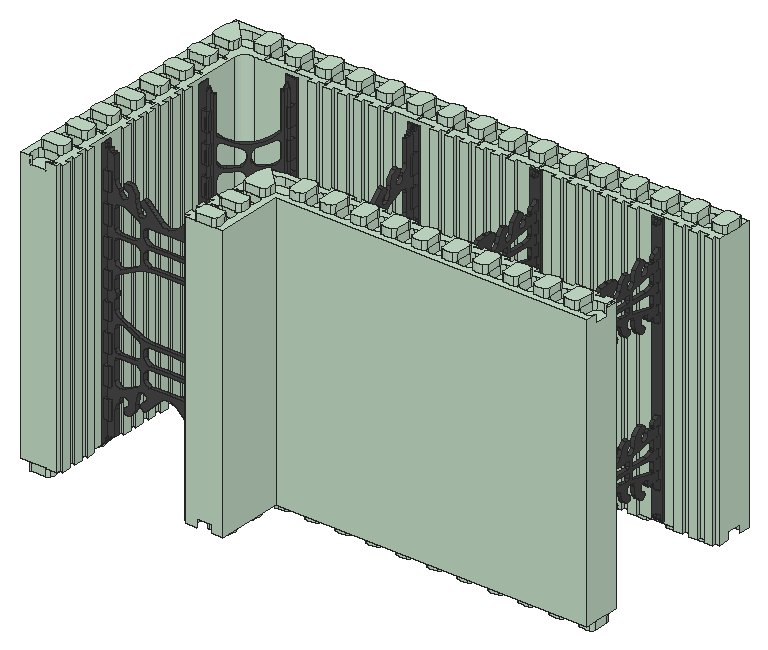
Revit family (continued)
Definition of nested family "NUDURA Diamond Pattern"
  Lines and regions (mm)
    model lines
      curve 189: arc (108.981, -142.875, 194.092) -> (107.493, -142.875, 190.5) -> (108.981, -142.875, 186.908) r 5.08
      curve 190: arc (108.981, -142.875, 232.192) -> (107.493, -142.875, 228.6) -> (108.981, -142.875, 225.008) r 5.08
      curve 191: arc (108.981, -142.875, 270.292) -> (107.493, -142.875, 266.7) -> (108.981, -142.875, 263.108) r 5.08
      curve 192: arc (108.981, -142.875, 308.392) -> (107.493, -142.875, 304.8) -> (108.981, -142.875, 301.208) r 5.08
      curve 193: arc (108.981, -142.875, 346.492) -> (107.493, -142.875, 342.9) -> (108.981, -142.875, 339.308) r 5.08
      curve 194: arc (108.981, -142.875, 384.592) -> (107.493, -142.875, 381) -> (108.981, -142.875, 377.408) r 5.08
      curve 195: arc (108.981, -142.875, 422.692) -> (107.493, -142.875, 419.1) -> (108.981, -142.875, 415.508) r 5.08
Definition of nested family "NUDURA Diamond Pattern Missing Two lines"
  Reference planes
    plane 1 "Center (Front/Back)": y = 0
    plane 2: z = 0
    plane 3 "Center (Left/Right)": x = 0
    plane 4: z = 457.2
  Lines and regions (mm)
    model lines
      curve 1: line (50.8, -142.875, 457.2) -> (50.8, -142.875, 0)
      curve 2: line (85.183, -142.875, 431.415) -> (93.906, -142.875, 422.692)
      curve 3: arc (85.183, -142.875, 444.885) -> (82.394, -142.875, 438.15) -> (85.183, -142.875, 431.415) r 9.525
      curve 4: line (94.708, -142.875, 454.41) -> (85.183, -142.875, 444.885)
      curve 5: arc (108.179, -142.875, 454.41) -> (101.444, -142.875, 457.2) -> (94.708, -142.875, 454.41) r 9.525
      curve 6: line (117.704, -142.875, 444.885) -> (108.179, -142.875, 454.41)
      curve 7: arc (117.704, -142.875, 431.415) -> (120.494, -142.875, 438.15) -> (117.704, -142.875, 444.885) r 9.525
      curve 8: line (108.981, -142.875, 422.692) -> (117.704, -142.875, 431.415)
      curve 9: arc (105.934, -142.875, 452.165) -> (101.444, -142.875, 454.025) -> (96.953, -142.875, 452.165) r 6.35
      curve 10: line (115.459, -142.875, 442.64) -> (105.934, -142.875, 452.165)
      curve 11: arc (115.459, -142.875, 433.66) -> (117.319, -142.875, 438.15) -> (115.459, -142.875, 442.64) r 6.35
      curve 12: line (105.934, -142.875, 424.135) -> (115.459, -142.875, 433.66)
      curve 13: arc (96.953, -142.875, 424.135) -> (101.444, -142.875, 422.275) -> (105.934, -142.875, 424.135) r 6.35
      curve 14: line (87.428, -142.875, 433.66) -> (96.953, -142.875, 424.135)
      curve 15: arc (87.428, -142.875, 442.64) -> (85.569, -142.875, 438.15) -> (87.428, -142.875, 433.66) r 6.35
      curve 16: line (96.953, -142.875, 452.165) -> (87.428, -142.875, 442.64)
      curve 17: arc (93.906, -142.875, 415.508) -> (95.394, -142.875, 419.1) -> (93.906, -142.875, 422.692) r 5.08
      curve 18: line (117.704, -142.875, 406.785) -> (108.981, -142.875, 415.508)
      curve 19: arc (117.704, -142.875, 393.315) -> (120.494, -142.875, 400.05) -> (117.704, -142.875, 406.785) r 9.525
      curve 20: line (108.981, -142.875, 384.592) -> (117.704, -142.875, 393.315)
      curve 21: line (85.183, -142.875, 393.315) -> (93.906, -142.875, 384.592)
      curve 22: arc (85.183, -142.875, 406.785) -> (82.394, -142.875, 400.05) -> (85.183, -142.875, 393.315) r 9.525
      curve 23: line (93.906, -142.875, 415.508) -> (85.183, -142.875, 406.785)
      curve 24: arc (105.934, -142.875, 414.065) -> (101.444, -142.875, 415.925) -> (96.953, -142.875, 414.065) r 6.35
      curve 25: line (96.953, -142.875, 414.065) -> (87.428, -142.875, 404.54)
      curve 26: arc (87.428, -142.875, 404.54) -> (85.569, -142.875, 400.05) -> (87.428, -142.875, 395.56) r 6.35
      curve 27: line (87.428, -142.875, 395.56) -> (96.953, -142.875, 386.035)
      curve 28: arc (96.953, -142.875, 386.035) -> (101.444, -142.875, 384.175) -> (105.934, -142.875, 386.035) r 6.35
      curve 29: line (105.934, -142.875, 386.035) -> (115.459, -142.875, 395.56)
      curve 30: arc (115.459, -142.875, 395.56) -> (117.319, -142.875, 400.05) -> (115.459, -142.875, 404.54) r 6.35
      curve 31: line (115.459, -142.875, 404.54) -> (105.934, -142.875, 414.065)
      curve 32: arc (93.906, -142.875, 377.408) -> (95.394, -142.875, 381) -> (93.906, -142.875, 384.592) r 5.08
      curve 33: line (117.704, -142.875, 368.685) -> (108.981, -142.875, 377.408)
      curve 34: arc (117.704, -142.875, 355.215) -> (120.494, -142.875, 361.95) -> (117.704, -142.875, 368.685) r 9.525
      curve 35: line (108.981, -142.875, 346.492) -> (117.704, -142.875, 355.215)
      curve 36: line (85.183, -142.875, 355.215) -> (93.906, -142.875, 346.492)
      curve 37: arc (85.183, -142.875, 368.685) -> (82.394, -142.875, 361.95) -> (85.183, -142.875, 355.215) r 9.525
      curve 38: line (93.906, -142.875, 377.408) -> (85.183, -142.875, 368.685)
      curve 39: arc (105.934, -142.875, 375.965) -> (101.444, -142.875, 377.825) -> (96.953, -142.875, 375.965) r 6.35
      curve 40: line (96.953, -142.875, 375.965) -> (87.428, -142.875, 366.44)
      curve 41: arc (87.428, -142.875, 366.44) -> (85.569, -142.875, 361.95) -> (87.428, -142.875, 357.46) r 6.35
      curve 42: line (87.428, -142.875, 357.46) -> (96.953, -142.875, 347.935)
      curve 43: arc (96.953, -142.875, 347.935) -> (101.444, -142.875, 346.075) -> (105.934, -142.875, 347.935) r 6.35
      curve 44: line (105.934, -142.875, 347.935) -> (115.459, -142.875, 357.46)
      curve 45: arc (115.459, -142.875, 357.46) -> (117.319, -142.875, 361.95) -> (115.459, -142.875, 366.44) r 6.35
      curve 46: line (115.459, -142.875, 366.44) -> (105.934, -142.875, 375.965)
      curve 47: arc (93.906, -142.875, 339.308) -> (95.394, -142.875, 342.9) -> (93.906, -142.875, 346.492) r 5.08
      curve 48: line (117.704, -142.875, 330.585) -> (108.981, -142.875, 339.308)
      curve 49: arc (117.704, -142.875, 317.115) -> (120.494, -142.875, 323.85) -> (117.704, -142.875, 330.585) r 9.525
      curve 50: line (108.981, -142.875, 308.392) -> (117.704, -142.875, 317.115)
      curve 51: line (85.183, -142.875, 317.115) -> (93.906, -142.875, 308.392)
      curve 52: arc (85.183, -142.875, 330.585) -> (82.394, -142.875, 323.85) -> (85.183, -142.875, 317.115) r 9.525
      curve 53: line (93.906, -142.875, 339.308) -> (85.183, -142.875, 330.585)
      curve 54: arc (105.934, -142.875, 337.865) -> (101.444, -142.875, 339.725) -> (96.953, -142.875, 337.865) r 6.35
      curve 55: line (96.953, -142.875, 337.865) -> (87.428, -142.875, 328.34)
      curve 56: arc (87.428, -142.875, 328.34) -> (85.569, -142.875, 323.85) -> (87.428, -142.875, 319.36) r 6.35
      curve 57: line (87.428, -142.875, 319.36) -> (96.953, -142.875, 309.835)
      curve 58: arc (96.953, -142.875, 309.835) -> (101.444, -142.875, 307.975) -> (105.934, -142.875, 309.835) r 6.35
      curve 59: line (105.934, -142.875, 309.835) -> (115.459, -142.875, 319.36)
      curve 60: arc (115.459, -142.875, 319.36) -> (117.319, -142.875, 323.85) -> (115.459, -142.875, 328.34) r 6.35
      curve 61: line (115.459, -142.875, 328.34) -> (105.934, -142.875, 337.865)
      curve 62: arc (93.906, -142.875, 301.208) -> (95.394, -142.875, 304.8) -> (93.906, -142.875, 308.392) r 5.08
      curve 63: line (117.704, -142.875, 292.485) -> (108.981, -142.875, 301.208)
      curve 64: arc (117.704, -142.875, 279.015) -> (120.494, -142.875, 285.75) -> (117.704, -142.875, 292.485) r 9.525
      curve 65: line (108.981, -142.875, 270.292) -> (117.704, -142.875, 279.015)
      curve 66: line (85.183, -142.875, 279.015) -> (93.906, -142.875, 270.292)
      curve 67: arc (85.183, -142.875, 292.485) -> (82.394, -142.875, 285.75) -> (85.183, -142.875, 279.015) r 9.525
      curve 68: line (93.906, -142.875, 301.208) -> (85.183, -142.875, 292.485)
      curve 69: arc (105.934, -142.875, 299.765) -> (101.444, -142.875, 301.625) -> (96.953, -142.875, 299.765) r 6.35
      curve 70: line (96.953, -142.875, 299.765) -> (87.428, -142.875, 290.24)
      curve 71: arc (87.428, -142.875, 290.24) -> (85.569, -142.875, 285.75) -> (87.428, -142.875, 281.26) r 6.35
      curve 72: line (87.428, -142.875, 281.26) -> (96.953, -142.875, 271.735)
      curve 73: arc (96.953, -142.875, 271.735) -> (101.444, -142.875, 269.875) -> (105.934, -142.875, 271.735) r 6.35
      curve 74: line (105.934, -142.875, 271.735) -> (115.459, -142.875, 281.26)
      curve 75: arc (115.459, -142.875, 281.26) -> (117.319, -142.875, 285.75) -> (115.459, -142.875, 290.24) r 6.35
      curve 76: line (115.459, -142.875, 290.24) -> (105.934, -142.875, 299.765)
      curve 77: arc (93.906, -142.875, 263.108) -> (95.394, -142.875, 266.7) -> (93.906, -142.875, 270.292) r 5.08
      curve 78: line (117.704, -142.875, 254.385) -> (108.981, -142.875, 263.108)
      curve 79: arc (117.704, -142.875, 240.915) -> (120.494, -142.875, 247.65) -> (117.704, -142.875, 254.385) r 9.525
      curve 80: line (108.981, -142.875, 232.192) -> (117.704, -142.875, 240.915)
      curve 81: line (85.183, -142.875, 240.915) -> (93.906, -142.875, 232.192)
      curve 82: arc (85.183, -142.875, 254.385) -> (82.394, -142.875, 247.65) -> (85.183, -142.875, 240.915) r 9.525
      curve 83: line (93.906, -142.875, 263.108) -> (85.183, -142.875, 254.385)
      curve 84: arc (105.934, -142.875, 261.665) -> (101.444, -142.875, 263.525) -> (96.953, -142.875, 261.665) r 6.35
      curve 85: line (96.953, -142.875, 261.665) -> (87.428, -142.875, 252.14)
      curve 86: arc (87.428, -142.875, 252.14) -> (85.569, -142.875, 247.65) -> (87.428, -142.875, 243.16) r 6.35
      curve 87: line (87.428, -142.875, 243.16) -> (96.953, -142.875, 233.635)
      curve 88: arc (96.953, -142.875, 233.635) -> (101.444, -142.875, 231.775) -> (105.934, -142.875, 233.635) r 6.35
      curve 89: line (105.934, -142.875, 233.635) -> (115.459, -142.875, 243.16)
      curve 90: arc (115.459, -142.875, 243.16) -> (117.319, -142.875, 247.65) -> (115.459, -142.875, 252.14) r 6.35
      curve 91: line (115.459, -142.875, 252.14) -> (105.934, -142.875, 261.665)
      curve 92: arc (93.906, -142.875, 225.008) -> (95.394, -142.875, 228.6) -> (93.906, -142.875, 232.192) r 5.08
      curve 93: line (117.704, -142.875, 216.285) -> (108.981, -142.875, 225.008)
      curve 94: arc (117.704, -142.875, 202.815) -> (120.494, -142.875, 209.55) -> (117.704, -142.875, 216.285) r 9.525
      curve 95: line (108.981, -142.875, 194.092) -> (117.704, -142.875, 202.815)
      curve 96: line (85.183, -142.875, 202.815) -> (93.906, -142.875, 194.092)
      curve 97: arc (85.183, -142.875, 216.285) -> (82.394, -142.875, 209.55) -> (85.183, -142.875, 202.815) r 9.525
      curve 98: line (93.906, -142.875, 225.008) -> (85.183, -142.875, 216.285)
      curve 99: arc (105.934, -142.875, 223.565) -> (101.444, -142.875, 225.425) -> (96.953, -142.875, 223.565) r 6.35
      curve 100: line (96.953, -142.875, 223.565) -> (87.428, -142.875, 214.04)
      curve 101: arc (87.428, -142.875, 214.04) -> (85.569, -142.875, 209.55) -> (87.428, -142.875, 205.06) r 6.35
      curve 102: line (87.428, -142.875, 205.06) -> (96.953, -142.875, 195.535)
      curve 103: arc (96.953, -142.875, 195.535) -> (101.444, -142.875, 193.675) -> (105.934, -142.875, 195.535) r 6.35
      curve 104: line (105.934, -142.875, 195.535) -> (115.459, -142.875, 205.06)
      curve 105: arc (115.459, -142.875, 205.06) -> (117.319, -142.875, 209.55) -> (115.459, -142.875, 214.04) r 6.35
      curve 106: line (115.459, -142.875, 214.04) -> (105.934, -142.875, 223.565)
      curve 107: arc (93.906, -142.875, 186.908) -> (95.394, -142.875, 190.5) -> (93.906, -142.875, 194.092) r 5.08
      curve 108: line (117.704, -142.875, 178.185) -> (108.981, -142.875, 186.908)
      curve 109: arc (117.704, -142.875, 164.715) -> (120.494, -142.875, 171.45) -> (117.704, -142.875, 178.185) r 9.525
      curve 110: line (108.981, -142.875, 155.992) -> (117.704, -142.875, 164.715)
      curve 111: line (85.183, -142.875, 164.715) -> (93.906, -142.875, 155.992)
      curve 112: arc (85.183, -142.875, 178.185) -> (82.394, -142.875, 171.45) -> (85.183, -142.875, 164.715) r 9.525
      curve 113: line (93.906, -142.875, 186.908) -> (85.183, -142.875, 178.185)
      curve 114: arc (105.934, -142.875, 185.465) -> (101.444, -142.875, 187.325) -> (96.953, -142.875, 185.465) r 6.35
      curve 115: line (96.953, -142.875, 185.465) -> (87.428, -142.875, 175.94)
      curve 116: arc (87.428, -142.875, 175.94) -> (85.569, -142.875, 171.45) -> (87.428, -142.875, 166.96) r 6.35
      curve 117: line (87.428, -142.875, 166.96) -> (96.953, -142.875, 157.435)
      curve 118: arc (96.953, -142.875, 157.435) -> (101.444, -142.875, 155.575) -> (105.934, -142.875, 157.435) r 6.35
      curve 119: line (105.934, -142.875, 157.435) -> (115.459, -142.875, 166.96)
      curve 120: arc (115.459, -142.875, 166.96) -> (117.319, -142.875, 171.45) -> (115.459, -142.875, 175.94) r 6.35
      curve 121: line (115.459, -142.875, 175.94) -> (105.934, -142.875, 185.465)
      curve 122: arc (93.906, -142.875, 148.808) -> (95.394, -142.875, 152.4) -> (93.906, -142.875, 155.992) r 5.08
      curve 123: line (117.704, -142.875, 140.085) -> (108.981, -142.875, 148.808)
      curve 124: arc (117.704, -142.875, 126.615) -> (120.494, -142.875, 133.35) -> (117.704, -142.875, 140.085) r 9.525
      curve 125: line (108.981, -142.875, 117.892) -> (117.704, -142.875, 126.615)
      curve 126: line (85.183, -142.875, 126.615) -> (93.906, -142.875, 117.892)
      curve 127: arc (85.183, -142.875, 140.085) -> (82.394, -142.875, 133.35) -> (85.183, -142.875, 126.615) r 9.525
      curve 128: line (93.906, -142.875, 148.808) -> (85.183, -142.875, 140.085)
      curve 129: arc (105.934, -142.875, 147.365) -> (101.444, -142.875, 149.225) -> (96.953, -142.875, 147.365) r 6.35
      curve 130: line (96.953, -142.875, 147.365) -> (87.428, -142.875, 137.84)
      curve 131: arc (87.428, -142.875, 137.84) -> (85.569, -142.875, 133.35) -> (87.428, -142.875, 128.86) r 6.35
      curve 132: line (87.428, -142.875, 128.86) -> (96.953, -142.875, 119.335)
      curve 133: arc (96.953, -142.875, 119.335) -> (101.444, -142.875, 117.475) -> (105.934, -142.875, 119.335) r 6.35
      curve 134: line (105.934, -142.875, 119.335) -> (115.459, -142.875, 128.86)
      curve 135: arc (115.459, -142.875, 128.86) -> (117.319, -142.875, 133.35) -> (115.459, -142.875, 137.84) r 6.35
      curve 136: line (115.459, -142.875, 137.84) -> (105.934, -142.875, 147.365)
      curve 137: arc (93.906, -142.875, 110.708) -> (95.394, -142.875, 114.3) -> (93.906, -142.875, 117.892) r 5.08
      curve 138: line (117.704, -142.875, 101.985) -> (108.981, -142.875, 110.708)
      curve 139: arc (117.704, -142.875, 88.515) -> (120.494, -142.875, 95.25) -> (117.704, -142.875, 101.985) r 9.525
      curve 140: line (108.981, -142.875, 79.792) -> (117.704, -142.875, 88.515)
      curve 141: line (85.183, -142.875, 88.515) -> (93.906, -142.875, 79.792)
      curve 142: arc (85.183, -142.875, 101.985) -> (82.394, -142.875, 95.25) -> (85.183, -142.875, 88.515) r 9.525
      curve 143: line (93.906, -142.875, 110.708) -> (85.183, -142.875, 101.985)
      curve 144: arc (105.934, -142.875, 109.265) -> (101.444, -142.875, 111.125) -> (96.953, -142.875, 109.265) r 6.35
      curve 145: line (96.953, -142.875, 109.265) -> (87.428, -142.875, 99.74)
      curve 146: arc (87.428, -142.875, 99.74) -> (85.569, -142.875, 95.25) -> (87.428, -142.875, 90.76) r 6.35
      curve 147: line (87.428, -142.875, 90.76) -> (96.953, -142.875, 81.235)
      curve 148: arc (96.953, -142.875, 81.235) -> (101.444, -142.875, 79.375) -> (105.934, -142.875, 81.235) r 6.35
      curve 149: line (105.934, -142.875, 81.235) -> (115.459, -142.875, 90.76)
      curve 150: arc (115.459, -142.875, 90.76) -> (117.319, -142.875, 95.25) -> (115.459, -142.875, 99.74) r 6.35
      curve 151: line (115.459, -142.875, 99.74) -> (105.934, -142.875, 109.265)
      curve 152: arc (93.906, -142.875, 72.608) -> (95.394, -142.875, 76.2) -> (93.906, -142.875, 79.792) r 5.08
      curve 153: line (117.704, -142.875, 63.885) -> (108.981, -142.875, 72.608)
      curve 154: arc (117.704, -142.875, 50.415) -> (120.494, -142.875, 57.15) -> (117.704, -142.875, 63.885) r 9.525
      curve 155: line (108.981, -142.875, 41.692) -> (117.704, -142.875, 50.415)
      curve 156: line (85.183, -142.875, 50.415) -> (93.906, -142.875, 41.692)
      curve 157: arc (85.183, -142.875, 63.885) -> (82.394, -142.875, 57.15) -> (85.183, -142.875, 50.415) r 9.525
      curve 158: line (93.906, -142.875, 72.608) -> (85.183, -142.875, 63.885)
      curve 159: arc (105.934, -142.875, 71.165) -> (101.444, -142.875, 73.025) -> (96.953, -142.875, 71.165) r 6.35
      curve 160: line (96.953, -142.875, 71.165) -> (87.428, -142.875, 61.64)
      curve 161: arc (87.428, -142.875, 61.64) -> (85.569, -142.875, 57.15) -> (87.428, -142.875, 52.66) r 6.35
      curve 162: line (87.428, -142.875, 52.66) -> (96.953, -142.875, 43.135)
      curve 163: arc (96.953, -142.875, 43.135) -> (101.444, -142.875, 41.275) -> (105.934, -142.875, 43.135) r 6.35
      curve 164: line (105.934, -142.875, 43.135) -> (115.459, -142.875, 52.66)
      curve 165: arc (115.459, -142.875, 52.66) -> (117.319, -142.875, 57.15) -> (115.459, -142.875, 61.64) r 6.35
      curve 166: line (115.459, -142.875, 61.64) -> (105.934, -142.875, 71.165)
      curve 167: arc (93.906, -142.875, 34.508) -> (95.394, -142.875, 38.1) -> (93.906, -142.875, 41.692) r 5.08
      curve 168: line (93.906, -142.875, 34.508) -> (85.183, -142.875, 25.785)
      curve 169: arc (85.183, -142.875, 25.785) -> (82.394, -142.875, 19.05) -> (85.183, -142.875, 12.315) r 9.525
      curve 170: line (85.183, -142.875, 12.315) -> (94.708, -142.875, 2.79)
      curve 171: arc (94.708, -142.875, 2.79) -> (101.444, -142.875, 0) -> (108.179, -142.875, 2.79) r 9.525
      curve 172: line (108.179, -142.875, 2.79) -> (117.704, -142.875, 12.315)
      curve 173: arc (117.704, -142.875, 12.315) -> (120.494, -142.875, 19.05) -> (117.704, -142.875, 25.785) r 9.525
      curve 174: line (117.704, -142.875, 25.785) -> (108.981, -142.875, 34.508)
      curve 175: arc (108.981, -142.875, 41.692) -> (107.493, -142.875, 38.1) -> (108.981, -142.875, 34.508) r 5.08
      curve 176: arc (105.934, -142.875, 33.065) -> (101.444, -142.875, 34.925) -> (96.953, -142.875, 33.065) r 6.35
      curve 177: line (115.459, -142.875, 23.54) -> (105.934, -142.875, 33.065)
      curve 178: arc (115.459, -142.875, 14.56) -> (117.319, -142.875, 19.05) -> (115.459, -142.875, 23.54) r 6.35
      curve 179: line (105.934, -142.875, 5.035) -> (115.459, -142.875, 14.56)
      curve 180: arc (96.953, -142.875, 5.035) -> (101.444, -142.875, 3.175) -> (105.934, -142.875, 5.035) r 6.35
      curve 181: line (87.428, -142.875, 14.56) -> (96.953, -142.875, 5.035)
      curve 182: arc (87.428, -142.875, 23.54) -> (85.569, -142.875, 19.05) -> (87.428, -142.875, 14.56) r 6.35
      curve 183: line (96.953, -142.875, 33.065) -> (87.428, -142.875, 23.54)
      curve 184: arc (108.981, -142.875, 79.792) -> (107.493, -142.875, 76.2) -> (108.981, -142.875, 72.608) r 5.08
      curve 185: arc (108.981, -142.875, 117.892) -> (107.493, -142.875, 114.3) -> (108.981, -142.875, 110.708) r 5.08
      curve 186: arc (108.981, -142.875, 155.992) -> (107.493, -142.875, 152.4) -> (108.981, -142.875, 148.808) r 5.08
      curve 187: arc (108.981, -142.875, 194.092) -> (107.493, -142.875, 190.5) -> (108.981, -142.875, 186.908) r 5.08
      curve 188: arc (108.981, -142.875, 232.192) -> (107.493, -142.875, 228.6) -> (108.981, -142.875, 225.008) r 5.08
      curve 189: arc (108.981, -142.875, 270.292) -> (107.493, -142.875, 266.7) -> (108.981, -142.875, 263.108) r 5.08
      curve 190: arc (108.981, -142.875, 308.392) -> (107.493, -142.875, 304.8) -> (108.981, -142.875, 301.208) r 5.08
      curve 191: arc (108.981, -142.875, 346.492) -> (107.493, -142.875, 342.9) -> (108.981, -142.875, 339.308) r 5.08
      curve 192: arc (108.981, -142.875, 384.592) -> (107.493, -142.875, 381) -> (108.981, -142.875, 377.408) r 5.08
      curve 193: arc (108.981, -142.875, 422.692) -> (107.493, -142.875, 419.1) -> (108.981, -142.875, 415.508) r 5.08
Definition of nested family "NUDURA Diamond Pattern Missing Left Line"
  Reference planes
    plane 1 "Center (Front/Back)": y = 0
    plane 2: z = 0
    plane 3 "Center (Left/Right)": x = 0
    plane 4: z = 457.2
  Lines and regions (mm)
    model lines
      curve 1: line (203.2, -142.875, 457.2) -> (203.2, -142.875, 0)
      curve 2: line (152.4, -142.875, 457.2) -> (152.4, -142.875, 0)
      curve 3: line (85.183, -142.875, 431.415) -> (93.906, -142.875, 422.692)
      curve 4: arc (85.183, -142.875, 444.885) -> (82.394, -142.875, 438.15) -> (85.183, -142.875, 431.415) r 9.525
      curve 5: line (94.708, -142.875, 454.41) -> (85.183, -142.875, 444.885)
      curve 6: arc (108.179, -142.875, 454.41) -> (101.444, -142.875, 457.2) -> (94.708, -142.875, 454.41) r 9.525
      curve 7: line (117.704, -142.875, 444.885) -> (108.179, -142.875, 454.41)
      curve 8: arc (117.704, -142.875, 431.415) -> (120.494, -142.875, 438.15) -> (117.704, -142.875, 444.885) r 9.525
      curve 9: line (108.981, -142.875, 422.692) -> (117.704, -142.875, 431.415)
      curve 10: arc (105.934, -142.875, 452.165) -> (101.444, -142.875, 454.025) -> (96.953, -142.875, 452.165) r 6.35
      curve 11: line (115.459, -142.875, 442.64) -> (105.934, -142.875, 452.165)
      curve 12: arc (115.459, -142.875, 433.66) -> (117.319, -142.875, 438.15) -> (115.459, -142.875, 442.64) r 6.35
      curve 13: line (105.934, -142.875, 424.135) -> (115.459, -142.875, 433.66)
      curve 14: arc (96.953, -142.875, 424.135) -> (101.444, -142.875, 422.275) -> (105.934, -142.875, 424.135) r 6.35
      curve 15: line (87.428, -142.875, 433.66) -> (96.953, -142.875, 424.135)
      curve 16: arc (87.428, -142.875, 442.64) -> (85.569, -142.875, 438.15) -> (87.428, -142.875, 433.66) r 6.35
      curve 17: line (96.953, -142.875, 452.165) -> (87.428, -142.875, 442.64)
      curve 18: arc (93.906, -142.875, 415.508) -> (95.394, -142.875, 419.1) -> (93.906, -142.875, 422.692) r 5.08
      curve 19: line (117.704, -142.875, 406.785) -> (108.981, -142.875, 415.508)
      curve 20: arc (117.704, -142.875, 393.315) -> (120.494, -142.875, 400.05) -> (117.704, -142.875, 406.785) r 9.525
      curve 21: line (108.981, -142.875, 384.592) -> (117.704, -142.875, 393.315)
      curve 22: line (85.183, -142.875, 393.315) -> (93.906, -142.875, 384.592)
      curve 23: arc (85.183, -142.875, 406.785) -> (82.394, -142.875, 400.05) -> (85.183, -142.875, 393.315) r 9.525
      curve 24: line (93.906, -142.875, 415.508) -> (85.183, -142.875, 406.785)
      curve 25: arc (105.934, -142.875, 414.065) -> (101.444, -142.875, 415.925) -> (96.953, -142.875, 414.065) r 6.35
      curve 26: line (96.953, -142.875, 414.065) -> (87.428, -142.875, 404.54)
      curve 27: arc (87.428, -142.875, 404.54) -> (85.569, -142.875, 400.05) -> (87.428, -142.875, 395.56) r 6.35
      curve 28: line (87.428, -142.875, 395.56) -> (96.953, -142.875, 386.035)
      curve 29: arc (96.953, -142.875, 386.035) -> (101.444, -142.875, 384.175) -> (105.934, -142.875, 386.035) r 6.35
      curve 30: line (105.934, -142.875, 386.035) -> (115.459, -142.875, 395.56)
      curve 31: arc (115.459, -142.875, 395.56) -> (117.319, -142.875, 400.05) -> (115.459, -142.875, 404.54) r 6.35
      curve 32: line (115.459, -142.875, 404.54) -> (105.934, -142.875, 414.065)
      curve 33: arc (93.906, -142.875, 377.408) -> (95.394, -142.875, 381) -> (93.906, -142.875, 384.592) r 5.08
      curve 34: line (117.704, -142.875, 368.685) -> (108.981, -142.875, 377.408)
      curve 35: arc (117.704, -142.875, 355.215) -> (120.494, -142.875, 361.95) -> (117.704, -142.875, 368.685) r 9.525
      curve 36: line (108.981, -142.875, 346.492) -> (117.704, -142.875, 355.215)
      curve 37: line (85.183, -142.875, 355.215) -> (93.906, -142.875, 346.492)
      curve 38: arc (85.183, -142.875, 368.685) -> (82.394, -142.875, 361.95) -> (85.183, -142.875, 355.215) r 9.525
      curve 39: line (93.906, -142.875, 377.408) -> (85.183, -142.875, 368.685)
      curve 40: arc (105.934, -142.875, 375.965) -> (101.444, -142.875, 377.825) -> (96.953, -142.875, 375.965) r 6.35
      curve 41: line (96.953, -142.875, 375.965) -> (87.428, -142.875, 366.44)
      curve 42: arc (87.428, -142.875, 366.44) -> (85.569, -142.875, 361.95) -> (87.428, -142.875, 357.46) r 6.35
      curve 43: line (87.428, -142.875, 357.46) -> (96.953, -142.875, 347.935)
      curve 44: arc (96.953, -142.875, 347.935) -> (101.444, -142.875, 346.075) -> (105.934, -142.875, 347.935) r 6.35
      curve 45: line (105.934, -142.875, 347.935) -> (115.459, -142.875, 357.46)
      curve 46: arc (115.459, -142.875, 357.46) -> (117.319, -142.875, 361.95) -> (115.459, -142.875, 366.44) r 6.35
      curve 47: line (115.459, -142.875, 366.44) -> (105.934, -142.875, 375.965)
      curve 48: arc (93.906, -142.875, 339.308) -> (95.394, -142.875, 342.9) -> (93.906, -142.875, 346.492) r 5.08
      curve 49: line (117.704, -142.875, 330.585) -> (108.981, -142.875, 339.308)
      curve 50: arc (117.704, -142.875, 317.115) -> (120.494, -142.875, 323.85) -> (117.704, -142.875, 330.585) r 9.525
      curve 51: line (108.981, -142.875, 308.392) -> (117.704, -142.875, 317.115)
      curve 52: line (85.183, -142.875, 317.115) -> (93.906, -142.875, 308.392)
      curve 53: arc (85.183, -142.875, 330.585) -> (82.394, -142.875, 323.85) -> (85.183, -142.875, 317.115) r 9.525
      curve 54: line (93.906, -142.875, 339.308) -> (85.183, -142.875, 330.585)
      curve 55: arc (105.934, -142.875, 337.865) -> (101.444, -142.875, 339.725) -> (96.953, -142.875, 337.865) r 6.35
      curve 56: line (96.953, -142.875, 337.865) -> (87.428, -142.875, 328.34)
      curve 57: arc (87.428, -142.875, 328.34) -> (85.569, -142.875, 323.85) -> (87.428, -142.875, 319.36) r 6.35
      curve 58: line (87.428, -142.875, 319.36) -> (96.953, -142.875, 309.835)
      curve 59: arc (96.953, -142.875, 309.835) -> (101.444, -142.875, 307.975) -> (105.934, -142.875, 309.835) r 6.35
      curve 60: line (105.934, -142.875, 309.835) -> (115.459, -142.875, 319.36)
      curve 61: arc (115.459, -142.875, 319.36) -> (117.319, -142.875, 323.85) -> (115.459, -142.875, 328.34) r 6.35
      curve 62: line (115.459, -142.875, 328.34) -> (105.934, -142.875, 337.865)
      curve 63: arc (93.906, -142.875, 301.208) -> (95.394, -142.875, 304.8) -> (93.906, -142.875, 308.392) r 5.08
      curve 64: line (117.704, -142.875, 292.485) -> (108.981, -142.875, 301.208)
      curve 65: arc (117.704, -142.875, 279.015) -> (120.494, -142.875, 285.75) -> (117.704, -142.875, 292.485) r 9.525
      curve 66: line (108.981, -142.875, 270.292) -> (117.704, -142.875, 279.015)
      curve 67: line (85.183, -142.875, 279.015) -> (93.906, -142.875, 270.292)
      curve 68: arc (85.183, -142.875, 292.485) -> (82.394, -142.875, 285.75) -> (85.183, -142.875, 279.015) r 9.525
      curve 69: line (93.906, -142.875, 301.208) -> (85.183, -142.875, 292.485)
      curve 70: arc (105.934, -142.875, 299.765) -> (101.444, -142.875, 301.625) -> (96.953, -142.875, 299.765) r 6.35
      curve 71: line (96.953, -142.875, 299.765) -> (87.428, -142.875, 290.24)
      curve 72: arc (87.428, -142.875, 290.24) -> (85.569, -142.875, 285.75) -> (87.428, -142.875, 281.26) r 6.35
      curve 73: line (87.428, -142.875, 281.26) -> (96.953, -142.875, 271.735)
      curve 74: arc (96.953, -142.875, 271.735) -> (101.444, -142.875, 269.875) -> (105.934, -142.875, 271.735) r 6.35
      curve 75: line (105.934, -142.875, 271.735) -> (115.459, -142.875, 281.26)
      curve 76: arc (115.459, -142.875, 281.26) -> (117.319, -142.875, 285.75) -> (115.459, -142.875, 290.24) r 6.35
      curve 77: line (115.459, -142.875, 290.24) -> (105.934, -142.875, 299.765)
      curve 78: arc (93.906, -142.875, 263.108) -> (95.394, -142.875, 266.7) -> (93.906, -142.875, 270.292) r 5.08
      curve 79: line (117.704, -142.875, 254.385) -> (108.981, -142.875, 263.108)
      curve 80: arc (117.704, -142.875, 240.915) -> (120.494, -142.875, 247.65) -> (117.704, -142.875, 254.385) r 9.525
      curve 81: line (108.981, -142.875, 232.192) -> (117.704, -142.875, 240.915)
      curve 82: line (85.183, -142.875, 240.915) -> (93.906, -142.875, 232.192)
      curve 83: arc (85.183, -142.875, 254.385) -> (82.394, -142.875, 247.65) -> (85.183, -142.875, 240.915) r 9.525
      curve 84: line (93.906, -142.875, 263.108) -> (85.183, -142.875, 254.385)
      curve 85: arc (105.934, -142.875, 261.665) -> (101.444, -142.875, 263.525) -> (96.953, -142.875, 261.665) r 6.35
      curve 86: line (96.953, -142.875, 261.665) -> (87.428, -142.875, 252.14)
      curve 87: arc (87.428, -142.875, 252.14) -> (85.569, -142.875, 247.65) -> (87.428, -142.875, 243.16) r 6.35
      curve 88: line (87.428, -142.875, 243.16) -> (96.953, -142.875, 233.635)
      curve 89: arc (96.953, -142.875, 233.635) -> (101.444, -142.875, 231.775) -> (105.934, -142.875, 233.635) r 6.35
      curve 90: line (105.934, -142.875, 233.635) -> (115.459, -142.875, 243.16)
      curve 91: arc (115.459, -142.875, 243.16) -> (117.319, -142.875, 247.65) -> (115.459, -142.875, 252.14) r 6.35
      curve 92: line (115.459, -142.875, 252.14) -> (105.934, -142.875, 261.665)
      curve 93: arc (93.906, -142.875, 225.008) -> (95.394, -142.875, 228.6) -> (93.906, -142.875, 232.192) r 5.08
      curve 94: line (117.704, -142.875, 216.285) -> (108.981, -142.875, 225.008)
      curve 95: arc (117.704, -142.875, 202.815) -> (120.494, -142.875, 209.55) -> (117.704, -142.875, 216.285) r 9.525
      curve 96: line (108.981, -142.875, 194.092) -> (117.704, -142.875, 202.815)
      curve 97: line (85.183, -142.875, 202.815) -> (93.906, -142.875, 194.092)
      curve 98: arc (85.183, -142.875, 216.285) -> (82.394, -142.875, 209.55) -> (85.183, -142.875, 202.815) r 9.525
      curve 99: line (93.906, -142.875, 225.008) -> (85.183, -142.875, 216.285)
      curve 100: arc (105.934, -142.875, 223.565) -> (101.444, -142.875, 225.425) -> (96.953, -142.875, 223.565) r 6.35
      curve 101: line (96.953, -142.875, 223.565) -> (87.428, -142.875, 214.04)
      curve 102: arc (87.428, -142.875, 214.04) -> (85.569, -142.875, 209.55) -> (87.428, -142.875, 205.06) r 6.35
      curve 103: line (87.428, -142.875, 205.06) -> (96.953, -142.875, 195.535)
      curve 104: arc (96.953, -142.875, 195.535) -> (101.444, -142.875, 193.675) -> (105.934, -142.875, 195.535) r 6.35
      curve 105: line (105.934, -142.875, 195.535) -> (115.459, -142.875, 205.06)
      curve 106: arc (115.459, -142.875, 205.06) -> (117.319, -142.875, 209.55) -> (115.459, -142.875, 214.04) r 6.35
      curve 107: line (115.459, -142.875, 214.04) -> (105.934, -142.875, 223.565)
      curve 108: arc (93.906, -142.875, 186.908) -> (95.394, -142.875, 190.5) -> (93.906, -142.875, 194.092) r 5.08
      curve 109: line (117.704, -142.875, 178.185) -> (108.981, -142.875, 186.908)
      curve 110: arc (117.704, -142.875, 164.715) -> (120.494, -142.875, 171.45) -> (117.704, -142.875, 178.185) r 9.525
      curve 111: line (108.981, -142.875, 155.992) -> (117.704, -142.875, 164.715)
      curve 112: line (85.183, -142.875, 164.715) -> (93.906, -142.875, 155.992)
      curve 113: arc (85.183, -142.875, 178.185) -> (82.394, -142.875, 171.45) -> (85.183, -142.875, 164.715) r 9.525
      curve 114: line (93.906, -142.875, 186.908) -> (85.183, -142.875, 178.185)
      curve 115: arc (105.934, -142.875, 185.465) -> (101.444, -142.875, 187.325) -> (96.953, -142.875, 185.465) r 6.35
      curve 116: line (96.953, -142.875, 185.465) -> (87.428, -142.875, 175.94)
      curve 117: arc (87.428, -142.875, 175.94) -> (85.569, -142.875, 171.45) -> (87.428, -142.875, 166.96) r 6.35
      curve 118: line (87.428, -142.875, 166.96) -> (96.953, -142.875, 157.435)
      curve 119: arc (96.953, -142.875, 157.435) -> (101.444, -142.875, 155.575) -> (105.934, -142.875, 157.435) r 6.35
      curve 120: line (105.934, -142.875, 157.435) -> (115.459, -142.875, 166.96)
      curve 121: arc (115.459, -142.875, 166.96) -> (117.319, -142.875, 171.45) -> (115.459, -142.875, 175.94) r 6.35
      curve 122: line (115.459, -142.875, 175.94) -> (105.934, -142.875, 185.465)
      curve 123: arc (93.906, -142.875, 148.808) -> (95.394, -142.875, 152.4) -> (93.906, -142.875, 155.992) r 5.08
      curve 124: line (117.704, -142.875, 140.085) -> (108.981, -142.875, 148.808)
      curve 125: arc (117.704, -142.875, 126.615) -> (120.494, -142.875, 133.35) -> (117.704, -142.875, 140.085) r 9.525
      curve 126: line (108.981, -142.875, 117.892) -> (117.704, -142.875, 126.615)
      curve 127: line (85.183, -142.875, 126.615) -> (93.906, -142.875, 117.892)
      curve 128: arc (85.183, -142.875, 140.085) -> (82.394, -142.875, 133.35) -> (85.183, -142.875, 126.615) r 9.525
      curve 129: line (93.906, -142.875, 148.808) -> (85.183, -142.875, 140.085)
      curve 130: arc (105.934, -142.875, 147.365) -> (101.444, -142.875, 149.225) -> (96.953, -142.875, 147.365) r 6.35
      curve 131: line (96.953, -142.875, 147.365) -> (87.428, -142.875, 137.84)
      curve 132: arc (87.428, -142.875, 137.84) -> (85.569, -142.875, 133.35) -> (87.428, -142.875, 128.86) r 6.35
      curve 133: line (87.428, -142.875, 128.86) -> (96.953, -142.875, 119.335)
      curve 134: arc (96.953, -142.875, 119.335) -> (101.444, -142.875, 117.475) -> (105.934, -142.875, 119.335) r 6.35
      curve 135: line (105.934, -142.875, 119.335) -> (115.459, -142.875, 128.86)
      curve 136: arc (115.459, -142.875, 128.86) -> (117.319, -142.875, 133.35) -> (115.459, -142.875, 137.84) r 6.35
      curve 137: line (115.459, -142.875, 137.84) -> (105.934, -142.875, 147.365)
      curve 138: arc (93.906, -142.875, 110.708) -> (95.394, -142.875, 114.3) -> (93.906, -142.875, 117.892) r 5.08
      curve 139: line (117.704, -142.875, 101.985) -> (108.981, -142.875, 110.708)
      curve 140: arc (117.704, -142.875, 88.515) -> (120.494, -142.875, 95.25) -> (117.704, -142.875, 101.985) r 9.525
      curve 141: line (108.981, -142.875, 79.792) -> (117.704, -142.875, 88.515)
      curve 142: line (85.183, -142.875, 88.515) -> (93.906, -142.875, 79.792)
      curve 143: arc (85.183, -142.875, 101.985) -> (82.394, -142.875, 95.25) -> (85.183, -142.875, 88.515) r 9.525
      curve 144: line (93.906, -142.875, 110.708) -> (85.183, -142.875, 101.985)
      curve 145: arc (105.934, -142.875, 109.265) -> (101.444, -142.875, 111.125) -> (96.953, -142.875, 109.265) r 6.35
      curve 146: line (96.953, -142.875, 109.265) -> (87.428, -142.875, 99.74)
      curve 147: arc (87.428, -142.875, 99.74) -> (85.569, -142.875, 95.25) -> (87.428, -142.875, 90.76) r 6.35
      curve 148: line (87.428, -142.875, 90.76) -> (96.953, -142.875, 81.235)
      curve 149: arc (96.953, -142.875, 81.235) -> (101.444, -142.875, 79.375) -> (105.934, -142.875, 81.235) r 6.35
      curve 150: line (105.934, -142.875, 81.235) -> (115.459, -142.875, 90.76)
      curve 151: arc (115.459, -142.875, 90.76) -> (117.319, -142.875, 95.25) -> (115.459, -142.875, 99.74) r 6.35
      curve 152: line (115.459, -142.875, 99.74) -> (105.934, -142.875, 109.265)
      curve 153: arc (93.906, -142.875, 72.608) -> (95.394, -142.875, 76.2) -> (93.906, -142.875, 79.792) r 5.08
      curve 154: line (117.704, -142.875, 63.885) -> (108.981, -142.875, 72.608)
      curve 155: arc (117.704, -142.875, 50.415) -> (120.494, -142.875, 57.15) -> (117.704, -142.875, 63.885) r 9.525
      curve 156: line (108.981, -142.875, 41.692) -> (117.704, -142.875, 50.415)
      curve 157: line (85.183, -142.875, 50.415) -> (93.906, -142.875, 41.692)
      curve 158: arc (85.183, -142.875, 63.885) -> (82.394, -142.875, 57.15) -> (85.183, -142.875, 50.415) r 9.525
      curve 159: line (93.906, -142.875, 72.608) -> (85.183, -142.875, 63.885)
      curve 160: arc (105.934, -142.875, 71.165) -> (101.444, -142.875, 73.025) -> (96.953, -142.875, 71.165) r 6.35
      curve 161: line (96.953, -142.875, 71.165) -> (87.428, -142.875, 61.64)
      curve 162: arc (87.428, -142.875, 61.64) -> (85.569, -142.875, 57.15) -> (87.428, -142.875, 52.66) r 6.35
      curve 163: line (87.428, -142.875, 52.66) -> (96.953, -142.875, 43.135)
      curve 164: arc (96.953, -142.875, 43.135) -> (101.444, -142.875, 41.275) -> (105.934, -142.875, 43.135) r 6.35
      curve 165: line (105.934, -142.875, 43.135) -> (115.459, -142.875, 52.66)
      curve 166: arc (115.459, -142.875, 52.66) -> (117.319, -142.875, 57.15) -> (115.459, -142.875, 61.64) r 6.35
      curve 167: line (115.459, -142.875, 61.64) -> (105.934, -142.875, 71.165)
      curve 168: arc (93.906, -142.875, 34.508) -> (95.394, -142.875, 38.1) -> (93.906, -142.875, 41.692) r 5.08
      curve 169: line (93.906, -142.875, 34.508) -> (85.183, -142.875, 25.785)
      curve 170: arc (85.183, -142.875, 25.785) -> (82.394, -142.875, 19.05) -> (85.183, -142.875, 12.315) r 9.525
      curve 171: line (85.183, -142.875, 12.315) -> (94.708, -142.875, 2.79)
      curve 172: arc (94.708, -142.875, 2.79) -> (101.444, -142.875, 0) -> (108.179, -142.875, 2.79) r 9.525
      curve 173: line (108.179, -142.875, 2.79) -> (117.704, -142.875, 12.315)
      curve 174: arc (117.704, -142.875, 12.315) -> (120.494, -142.875, 19.05) -> (117.704, -142.875, 25.785) r 9.525
      curve 175: line (117.704, -142.875, 25.785) -> (108.981, -142.875, 34.508)
      curve 176: arc (108.981, -142.875, 41.692) -> (107.493, -142.875, 38.1) -> (108.981, -142.875, 34.508) r 5.08
      curve 177: arc (105.934, -142.875, 33.065) -> (101.444, -142.875, 34.925) -> (96.953, -142.875, 33.065) r 6.35
      curve 178: line (115.459, -142.875, 23.54) -> (105.934, -142.875, 33.065)
      curve 179: arc (115.459, -142.875, 14.56) -> (117.319, -142.875, 19.05) -> (115.459, -142.875, 23.54) r 6.35
      curve 180: line (105.934, -142.875, 5.035) -> (115.459, -142.875, 14.56)
      curve 181: arc (96.953, -142.875, 5.035) -> (101.444, -142.875, 3.175) -> (105.934, -142.875, 5.035) r 6.35
      curve 182: line (87.428, -142.875, 14.56) -> (96.953, -142.875, 5.035)
      curve 183: arc (87.428, -142.875, 23.54) -> (85.569, -142.875, 19.05) -> (87.428, -142.875, 14.56) r 6.35
      curve 184: line (96.953, -142.875, 33.065) -> (87.428, -142.875, 23.54)
      curve 185: arc (108.981, -142.875, 79.792) -> (107.493, -142.875, 76.2) -> (108.981, -142.875, 72.608) r 5.08
      curve 186: arc (108.981, -142.875, 117.892) -> (107.493, -142.875, 114.3) -> (108.981, -142.875, 110.708) r 5.08
      curve 187: arc (108.981, -142.875, 155.992) -> (107.493, -142.875, 152.4) -> (108.981, -142.875, 148.808) r 5.08
      curve 188: arc (108.981, -142.875, 194.092) -> (107.493, -142.875, 190.5) -> (108.981, -142.875, 186.908) r 5.08
      curve 189: arc (108.981, -142.875, 232.192) -> (107.493, -142.875, 228.6) -> (108.981, -142.875, 225.008) r 5.08
      curve 190: arc (108.981, -142.875, 270.292) -> (107.493, -142.875, 266.7) -> (108.981, -142.875, 263.108) r 5.08
      curve 191: arc (108.981, -142.875, 308.392) -> (107.493, -142.875, 304.8) -> (108.981, -142.875, 301.208) r 5.08
      curve 192: arc (108.981, -142.875, 346.492) -> (107.493, -142.875, 342.9) -> (108.981, -142.875, 339.308) r 5.08
      curve 193: arc (108.981, -142.875, 384.592) -> (107.493, -142.875, 381) -> (108.981, -142.875, 377.408) r 5.08
      curve 194: arc (108.981, -142.875, 422.692) -> (107.493, -142.875, 419.1) -> (108.981, -142.875, 415.508) r 5.08
Definition of nested family "NUDURA Logo Diamond"
  Reference planes
    plane 1 "Center (Front/Back)": y = 0
    plane 2: z = 0
    plane 3 "Center (Left/Right)": x = 0
  Lines and regions (mm)
    model lines
      curve 1: line (320.001, 0, 444.526) -> (311.021, 0, 453.507)
      curve 2: line (313.973, 0, 425.925) -> (320.001, 0, 431.954)
      curve 3: line (320.001, 0, 406.426) -> (313.973, 0, 412.455)
      curve 4: line (313.973, 0, 387.825) -> (320.001, 0, 393.854)
      curve 5: line (320.001, 0, 368.326) -> (313.973, 0, 374.355)
      curve 6: line (313.973, 0, 349.725) -> (320.001, 0, 355.754)
      curve 7: line (309.225, 0, 337.411) -> (322.887, 0, 323.749)
      curve 8: line (322.887, 0, 323.749) -> (324.683, 0, 325.545)
      curve 9: line (286.583, 0, 323.749) -> (300.245, 0, 337.411)
      curve 10: line (295.497, 0, 336.255) -> (284.787, 0, 325.545)
      curve 11: line (289.468, 0, 355.754) -> (295.497, 0, 349.725)
      curve 12: line (295.497, 0, 374.355) -> (289.468, 0, 368.326)
      curve 13: line (289.468, 0, 393.854) -> (295.497, 0, 387.825)
      curve 14: line (295.497, 0, 412.455) -> (289.468, 0, 406.426)
      curve 15: line (289.468, 0, 431.954) -> (295.497, 0, 425.925)
      curve 16: line (298.449, 0, 453.507) -> (289.468, 0, 444.526)
      curve 17: line (300.245, 0, 451.711) -> (291.265, 0, 442.73)
      curve 18: line (318.205, 0, 442.73) -> (309.225, 0, 451.711)
      curve 19: line (309.225, 0, 424.77) -> (318.205, 0, 433.75)
      curve 20: line (291.265, 0, 433.75) -> (300.245, 0, 424.77)
      curve 21: arc (289.468, 0, 444.526) -> (286.865, 0, 438.24) -> (289.468, 0, 431.954) r 8.89
      curve 22: arc (298.449, 0, 453.507) -> (304.735, 0, 456.111) -> (311.021, 0, 453.507) r 8.89
      curve 23: arc (291.265, 0, 442.73) -> (289.405, 0, 438.24) -> (291.265, 0, 433.75) r 6.35
      curve 24: arc (318.205, 0, 442.73) -> (320.065, 0, 438.24) -> (318.205, 0, 433.75) r 6.35
      curve 25: arc (309.225, 0, 424.77) -> (304.735, 0, 422.91) -> (300.245, 0, 424.77) r 6.35
      curve 26: arc (300.245, 0, 451.711) -> (304.735, 0, 453.571) -> (309.225, 0, 451.711) r 6.35
      curve 27: arc (320.001, 0, 444.526) -> (322.605, 0, 438.24) -> (320.001, 0, 431.954) r 8.89
      curve 28: arc (295.497, 0, 425.925) -> (298.287, 0, 419.19) -> (295.497, 0, 412.455) r 9.525
      curve 29: arc (313.973, 0, 425.925) -> (311.183, 0, 419.19) -> (313.973, 0, 412.455) r 9.525
      curve 30: line (313.973, 0, 387.825) -> (320.001, 0, 393.854)
      curve 31: line (289.468, 0, 393.854) -> (295.497, 0, 387.825)
      curve 32: line (300.245, 0, 413.611) -> (291.265, 0, 404.63)
      curve 33: line (318.205, 0, 404.63) -> (309.225, 0, 413.611)
      curve 34: line (309.225, 0, 386.67) -> (318.205, 0, 395.65)
      curve 35: line (291.265, 0, 395.65) -> (300.245, 0, 386.67)
      curve 36: arc (289.468, 0, 406.426) -> (286.865, 0, 400.14) -> (289.468, 0, 393.854) r 8.89
      curve 37: arc (291.265, 0, 404.63) -> (289.405, 0, 400.14) -> (291.265, 0, 395.65) r 6.35
      curve 38: arc (318.205, 0, 404.63) -> (320.065, 0, 400.14) -> (318.205, 0, 395.65) r 6.35
      curve 39: arc (309.225, 0, 386.67) -> (304.735, 0, 384.81) -> (300.245, 0, 386.67) r 6.35
      curve 40: arc (300.245, 0, 413.611) -> (304.735, 0, 415.471) -> (309.225, 0, 413.611) r 6.35
      curve 41: arc (320.001, 0, 406.426) -> (322.605, 0, 400.14) -> (320.001, 0, 393.854) r 8.89
      curve 42: line (295.497, 0, 412.455) -> (289.468, 0, 406.426)
      curve 43: line (320.001, 0, 406.426) -> (313.973, 0, 412.455)
      curve 44: arc (295.497, 0, 387.825) -> (298.287, 0, 381.09) -> (295.497, 0, 374.355) r 9.525
      curve 45: arc (313.973, 0, 387.825) -> (311.183, 0, 381.09) -> (313.973, 0, 374.355) r 9.525
      curve 46: line (313.973, 0, 349.725) -> (320.001, 0, 355.754)
      curve 47: line (289.468, 0, 355.754) -> (295.497, 0, 349.725)
      curve 48: line (300.245, 0, 375.511) -> (291.265, 0, 366.53)
      curve 49: line (318.205, 0, 366.53) -> (309.225, 0, 375.511)
      curve 50: line (309.225, 0, 348.57) -> (318.205, 0, 357.55)
      curve 51: line (291.265, 0, 357.55) -> (300.245, 0, 348.57)
      curve 52: arc (289.468, 0, 368.326) -> (286.865, 0, 362.04) -> (289.468, 0, 355.754) r 8.89
      curve 53: arc (291.265, 0, 366.53) -> (289.405, 0, 362.04) -> (291.265, 0, 357.55) r 6.35
      curve 54: arc (318.205, 0, 366.53) -> (320.065, 0, 362.04) -> (318.205, 0, 357.55) r 6.35
      curve 55: arc (309.225, 0, 348.57) -> (304.735, 0, 346.71) -> (300.245, 0, 348.57) r 6.35
      curve 56: arc (300.245, 0, 375.511) -> (304.735, 0, 377.371) -> (309.225, 0, 375.511) r 6.35
      curve 57: arc (320.001, 0, 368.326) -> (322.605, 0, 362.04) -> (320.001, 0, 355.754) r 8.89
      curve 58: line (295.497, 0, 374.355) -> (289.468, 0, 368.326)
      curve 59: arc (295.497, 0, 349.725) -> (298.287, 0, 342.99) -> (295.497, 0, 336.255) r 9.525
      curve 60: arc (313.973, 0, 349.725) -> (311.183, 0, 342.99) -> (313.973, 0, 336.255) r 9.525
      curve 61: line (324.683, 0, 325.545) -> (313.973, 0, 336.255)
      curve 62: line (284.787, 0, 325.545) -> (286.583, 0, 323.749)
      curve 63: arc (300.245, 0, 337.411) -> (304.735, 0, 339.271) -> (309.225, 0, 337.411) r 6.35
      curve 64: line (320.001, 0, 12.854) -> (311.021, 0, 3.874)
      curve 65: line (313.973, 0, 31.455) -> (320.001, 0, 25.426)
      curve 66: line (320.001, 0, 50.954) -> (313.973, 0, 44.925)
      curve 67: line (313.973, 0, 69.555) -> (320.001, 0, 63.526)
      curve 68: line (320.001, 0, 89.054) -> (313.973, 0, 83.025)
      curve 69: line (313.973, 0, 107.655) -> (320.001, 0, 101.626)
      curve 70: line (309.225, 0, 119.97) -> (322.887, 0, 133.632)
      curve 71: line (322.887, 0, 133.632) -> (324.683, 0, 131.836)
      curve 72: line (286.583, 0, 133.632) -> (300.245, 0, 119.97)
      curve 73: line (295.497, 0, 121.125) -> (284.787, 0, 131.836)
      curve 74: line (289.468, 0, 101.626) -> (295.497, 0, 107.655)
      curve 75: line (295.497, 0, 83.025) -> (289.468, 0, 89.054)
      curve 76: line (289.468, 0, 63.526) -> (295.497, 0, 69.555)
      curve 77: line (295.497, 0, 44.925) -> (289.468, 0, 50.954)
      curve 78: line (289.468, 0, 25.426) -> (295.497, 0, 31.455)
      curve 79: line (298.449, 0, 3.874) -> (289.468, 0, 12.854)
      curve 80: line (300.245, 0, 5.67) -> (291.265, 0, 14.65)
      curve 81: line (318.205, 0, 14.65) -> (309.225, 0, 5.67)
      curve 82: line (309.225, 0, 32.611) -> (318.205, 0, 23.63)
      curve 83: line (291.265, 0, 23.63) -> (300.245, 0, 32.611)
      curve 84: arc (289.468, 0, 12.854) -> (286.865, 0, 19.14) -> (289.468, 0, 25.426) r 8.89
      curve 85: arc (298.449, 0, 3.874) -> (304.735, 0, 1.27) -> (311.021, 0, 3.874) r 8.89
      curve 86: arc (291.265, 0, 14.65) -> (289.405, 0, 19.14) -> (291.265, 0, 23.63) r 6.35
      curve 87: arc (318.205, 0, 14.65) -> (320.065, 0, 19.14) -> (318.205, 0, 23.63) r 6.35
      curve 88: arc (309.225, 0, 32.611) -> (304.735, 0, 34.471) -> (300.245, 0, 32.611) r 6.35
      curve 89: arc (300.245, 0, 5.67) -> (304.735, 0, 3.81) -> (309.225, 0, 5.67) r 6.35
      curve 90: arc (320.001, 0, 12.854) -> (322.605, 0, 19.14) -> (320.001, 0, 25.426) r 8.89
      curve 91: arc (295.497, 0, 31.455) -> (298.287, 0, 38.19) -> (295.497, 0, 44.925) r 9.525
      curve 92: arc (313.973, 0, 31.455) -> (311.183, 0, 38.19) -> (313.973, 0, 44.925) r 9.525
      curve 93: line (313.973, 0, 69.555) -> (320.001, 0, 63.526)
      curve 94: line (289.468, 0, 63.526) -> (295.497, 0, 69.555)
      curve 95: line (300.245, 0, 43.77) -> (291.265, 0, 52.75)
      curve 96: line (318.205, 0, 52.75) -> (309.225, 0, 43.77)
      curve 97: line (309.225, 0, 70.711) -> (318.205, 0, 61.73)
      curve 98: line (291.265, 0, 61.73) -> (300.245, 0, 70.711)
      curve 99: arc (289.468, 0, 50.954) -> (286.865, 0, 57.24) -> (289.468, 0, 63.526) r 8.89
      curve 100: arc (291.265, 0, 52.75) -> (289.405, 0, 57.24) -> (291.265, 0, 61.73) r 6.35
      curve 101: arc (318.205, 0, 52.75) -> (320.065, 0, 57.24) -> (318.205, 0, 61.73) r 6.35
      curve 102: arc (309.225, 0, 70.711) -> (304.735, 0, 72.571) -> (300.245, 0, 70.711) r 6.35
      curve 103: arc (300.245, 0, 43.77) -> (304.735, 0, 41.91) -> (309.225, 0, 43.77) r 6.35
      curve 104: arc (320.001, 0, 50.954) -> (322.605, 0, 57.24) -> (320.001, 0, 63.526) r 8.89
      curve 105: line (295.497, 0, 44.925) -> (289.468, 0, 50.954)
      curve 106: line (320.001, 0, 50.954) -> (313.973, 0, 44.925)
      curve 107: arc (295.497, 0, 69.555) -> (298.287, 0, 76.29) -> (295.497, 0, 83.025) r 9.525
      curve 108: arc (313.973, 0, 69.555) -> (311.183, 0, 76.29) -> (313.973, 0, 83.025) r 9.525
      curve 109: line (313.973, 0, 107.655) -> (320.001, 0, 101.626)
      curve 110: line (289.468, 0, 101.626) -> (295.497, 0, 107.655)
      curve 111: line (300.245, 0, 81.87) -> (291.265, 0, 90.85)
      curve 112: line (318.205, 0, 90.85) -> (309.225, 0, 81.87)
      curve 113: line (309.225, 0, 108.811) -> (318.205, 0, 99.83)
      curve 114: line (291.265, 0, 99.83) -> (300.245, 0, 108.811)
      curve 115: arc (289.468, 0, 89.054) -> (286.865, 0, 95.34) -> (289.468, 0, 101.626) r 8.89
      curve 116: arc (291.265, 0, 90.85) -> (289.405, 0, 95.34) -> (291.265, 0, 99.83) r 6.35
      curve 117: arc (318.205, 0, 90.85) -> (320.065, 0, 95.34) -> (318.205, 0, 99.83) r 6.35
      curve 118: arc (309.225, 0, 108.811) -> (304.735, 0, 110.671) -> (300.245, 0, 108.811) r 6.35
      curve 119: arc (300.245, 0, 81.87) -> (304.735, 0, 80.01) -> (309.225, 0, 81.87) r 6.35
      curve 120: arc (320.001, 0, 89.054) -> (322.605, 0, 95.34) -> (320.001, 0, 101.626) r 8.89
      curve 121: line (295.497, 0, 83.025) -> (289.468, 0, 89.054)
      curve 122: arc (295.497, 0, 107.655) -> (298.287, 0, 114.39) -> (295.497, 0, 121.125) r 9.525
      curve 123: arc (313.973, 0, 107.655) -> (311.183, 0, 114.39) -> (313.973, 0, 121.125) r 9.525
      curve 124: line (324.683, 0, 131.836) -> (313.973, 0, 121.125)
      curve 125: line (284.787, 0, 131.836) -> (286.583, 0, 133.632)
      curve 126: arc (300.245, 0, 119.97) -> (304.735, 0, 118.11) -> (309.225, 0, 119.97) r 6.35
      curve 127: line (314.26, 0, 317.59) -> (295.21, 0, 317.59)
      curve 128: line (323.785, 0, 149.315) -> (323.785, 0, 308.065)
      curve 129: line (285.685, 0, 308.065) -> (285.685, 0, 149.315)
      curve 130: line (295.21, 0, 139.79) -> (314.26, 0, 139.79)
      curve 131: line (316.797, 0, 304.89) -> (305.798, 0, 311.24)
      curve 132: line (316.797, 0, 292.19) -> (316.797, 0, 304.89)
      curve 133: line (311.298, 0, 289.015) -> (316.797, 0, 292.19)
      curve 134: line (305.373, 0, 292.436) -> (311.298, 0, 289.015)
      curve 135: line (310.447, 0, 295.365) -> (305.373, 0, 292.436)
      curve 136: line (299.874, 0, 307.82) -> (310.447, 0, 301.715)
      curve 137: line (310.447, 0, 301.715) -> (310.447, 0, 295.365)
      curve 138: line (305.798, 0, 311.24) -> (299.874, 0, 307.82)
      curve 139: line (299.023, 0, 295.611) -> (304.097, 0, 298.54)
      curve 140: line (304.097, 0, 298.54) -> (298.172, 0, 301.961)
      curve 141: line (298.172, 0, 301.961) -> (292.673, 0, 298.786)
      curve 142: line (292.673, 0, 298.786) -> (292.673, 0, 286.086)
      curve 143: line (299.023, 0, 289.261) -> (299.023, 0, 295.611)
      curve 144: line (309.596, 0, 283.156) -> (299.023, 0, 289.261)
      curve 145: line (303.671, 0, 279.736) -> (309.596, 0, 283.156)
      curve 146: line (292.673, 0, 286.086) -> (303.671, 0, 279.736)
      curve 147: line (312.702, 0, 269.344) -> (296.768, 0, 272.912)
      curve 148: line (296.768, 0, 272.912) -> (296.768, 0, 267.036)
      curve 149: line (296.768, 0, 267.036) -> (308.089, 0, 264.517)
      curve 150: line (308.089, 0, 264.517) -> (296.768, 0, 260.949)
      curve 151: line (296.768, 0, 260.949) -> (296.768, 0, 251.084)
      curve 152: line (296.768, 0, 251.084) -> (309.138, 0, 248.314)
      curve 153: line (309.138, 0, 248.314) -> (309.138, 0, 247.516)
      curve 154: line (309.138, 0, 247.516) -> (301.281, 0, 248.991)
      curve 155: line (296.768, 0, 245.246) -> (296.768, 0, 237.71)
      curve 156: line (306.598, 0, 222.094) -> (306.598, 0, 228.599)
      curve 157: line (306.598, 0, 228.599) -> (296.768, 0, 230.786)
      curve 158: line (296.768, 0, 230.786) -> (296.768, 0, 215.343)
      curve 159: line (302.723, 0, 230.274) -> (312.702, 0, 228.039)
      curve 160: line (300.341, 0, 217.291) -> (300.341, 0, 223.486)
      curve 161: line (300.341, 0, 223.486) -> (306.598, 0, 222.094)
      curve 162: line (296.768, 0, 205.027) -> (296.768, 0, 197.49)
      curve 163: line (302.723, 0, 190.055) -> (310.162, 0, 188.389)
      curve 164: line (310.162, 0, 188.389) -> (310.162, 0, 176.633)
      curve 165: line (308.892, 0, 175.363) -> (307.868, 0, 175.363)
      curve 166: line (306.598, 0, 176.633) -> (306.598, 0, 180.004)
      curve 167: line (306.598, 0, 180.004) -> (307.868, 0, 179.719)
      curve 168: line (307.868, 0, 179.719) -> (307.868, 0, 186.3)
      curve 169: line (307.868, 0, 186.3) -> (296.768, 0, 188.785)
      curve 170: line (296.768, 0, 188.785) -> (296.768, 0, 182.205)
      curve 171: line (296.768, 0, 182.205) -> (304.058, 0, 180.572)
      curve 172: line (304.058, 0, 180.572) -> (304.058, 0, 177.654)
      curve 173: line (302.788, 0, 176.384) -> (296.768, 0, 176.384)
      curve 174: line (296.768, 0, 176.384) -> (296.768, 0, 164.003)
      curve 175: line (296.768, 0, 164.003) -> (299.284, 0, 162.219)
      curve 176: line (299.284, 0, 162.219) -> (299.284, 0, 153.715)
      curve 177: line (307.942, 0, 156.079) -> (301.824, 0, 160.418)
      curve 178: line (301.824, 0, 160.418) -> (301.824, 0, 154.409)
      curve 179: line (301.824, 0, 154.409) -> (307.942, 0, 156.079)
      curve 180: line (299.284, 0, 153.715) -> (296.768, 0, 153.028)
      curve 181: line (296.768, 0, 153.028) -> (296.768, 0, 146.14)
      curve 182: line (296.768, 0, 146.14) -> (312.702, 0, 150.491)
      curve 183: line (312.702, 0, 150.491) -> (312.702, 0, 159.713)
      curve 184: line (312.702, 0, 159.713) -> (298.767, 0, 169.594)
      curve 185: line (298.767, 0, 169.594) -> (302.342, 0, 169.594)
      curve 186: line (312.702, 0, 172.383) -> (312.702, 0, 193.945)
      curve 187: line (312.702, 0, 193.945) -> (302.326, 0, 196.268)
      curve 188: line (300.341, 0, 198.747) -> (300.341, 0, 201.381)
      curve 189: line (301.888, 0, 202.62) -> (312.702, 0, 200.199)
      curve 190: line (312.702, 0, 200.199) -> (312.702, 0, 206.628)
      curve 191: line (312.702, 0, 206.628) -> (306.843, 0, 207.728)
      curve 192: line (312.702, 0, 212.942) -> (312.702, 0, 227.241)
      curve 193: line (312.702, 0, 227.241) -> (309.138, 0, 228.034)
      curve 194: line (309.138, 0, 228.034) -> (309.138, 0, 217.291)
      curve 195: line (312.702, 0, 228.039) -> (312.702, 0, 234.164)
      curve 196: line (312.702, 0, 234.164) -> (302.326, 0, 236.488)
      curve 197: line (300.341, 0, 238.966) -> (300.341, 0, 241.6)
      curve 198: line (301.736, 0, 242.874) -> (312.702, 0, 240.418)
      curve 199: line (312.702, 0, 240.418) -> (312.702, 0, 253.611)
      curve 200: line (312.702, 0, 253.611) -> (302.429, 0, 255.912)
      curve 201: line (302.429, 0, 255.912) -> (312.702, 0, 259.27)
      curve 202: line (312.702, 0, 259.27) -> (312.702, 0, 269.344)
      curve 203: arc (296.768, 0, 245.246) -> (298.145, 0, 248.178) -> (301.281, 0, 248.991) r 3.81
      curve 204: arc (296.768, 0, 237.71) -> (298.44, 0, 232.946) -> (302.723, 0, 230.274) r 7.62
      curve 205: arc (300.842, 0, 208.826) -> (297.87, 0, 211.5) -> (296.768, 0, 215.343) r 7.251
      curve 206: arc (296.768, 0, 205.027) -> (297.979, 0, 207.812) -> (300.842, 0, 208.826) r 3.808
      curve 207: arc (296.768, 0, 197.49) -> (298.44, 0, 192.727) -> (302.723, 0, 190.055) r 7.62
      curve 208: arc (300.341, 0, 198.747) -> (300.898, 0, 197.159) -> (302.326, 0, 196.268) r 2.54
      curve 209: arc (300.341, 0, 201.381) -> (300.817, 0, 202.372) -> (301.888, 0, 202.62) r 1.27
      curve 210: arc (307.868, 0, 175.363) -> (306.969, 0, 175.735) -> (306.598, 0, 176.633) r 1.27
      curve 211: arc (308.892, 0, 175.363) -> (309.79, 0, 175.735) -> (310.162, 0, 176.633) r 1.27
      curve 212: arc (304.058, 0, 177.654) -> (303.686, 0, 176.756) -> (302.788, 0, 176.384) r 1.27
      curve 213: arc (302.342, 0, 169.594) -> (303.976, 0, 170.198) -> (304.826, 0, 171.718) r 2.516
      curve 214: arc (304.826, 0, 171.718) -> (309.07, 0, 168.432) -> (312.702, 0, 172.383) r 3.966
      curve 215: arc (306.843, 0, 207.728) -> (310.942, 0, 209.02) -> (312.702, 0, 212.942) r 5.249
      curve 216: arc (300.341, 0, 217.291) -> (304.739, 0, 212.893) -> (309.138, 0, 217.291) r 4.398
      curve 217: arc (300.341, 0, 238.966) -> (300.898, 0, 237.378) -> (302.326, 0, 236.488) r 2.54
      curve 218: arc (300.341, 0, 241.6) -> (300.886, 0, 242.648) -> (302.057, 0, 242.802) r 1.279
      curve 219: arc (285.685, 0, 308.065) -> (288.475, 0, 314.8) -> (295.21, 0, 317.59) r 9.525
      curve 220: arc (314.26, 0, 317.59) -> (320.995, 0, 314.8) -> (323.785, 0, 308.065) r 9.525
      curve 221: arc (285.685, 0, 149.315) -> (288.475, 0, 142.58) -> (295.21, 0, 139.79) r 9.525
      curve 222: arc (314.26, 0, 139.79) -> (320.995, 0, 142.58) -> (323.785, 0, 149.315) r 9.525
      curve 223: line (253.935, 0, 457.2) -> (253.935, 0, 0)
      curve 224: line (355.535, 0, 457.2) -> (355.535, 0, 0)
      curve 225: line (406.335, 0, 457.2) -> (406.335, 0, 0)
